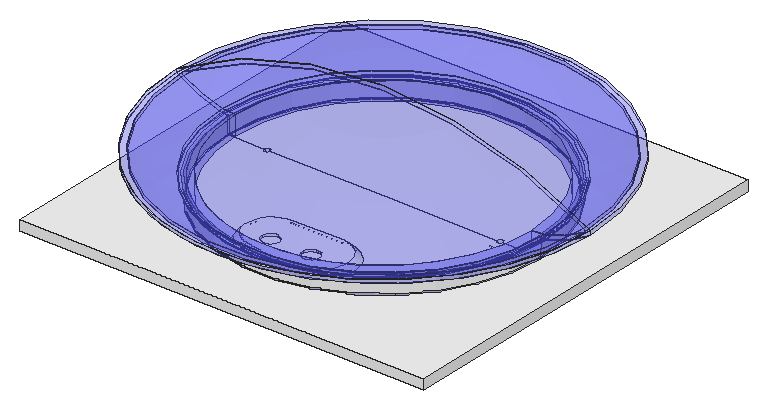
Revit family "BE_50507_de_DE", category Leuchten, Revit 2020
Family settings
  Basisbauteil = Fläche
  Bemaßung runder Anschluss = Durchmesser verwenden
  Teiletyp = Normal
  Beim Laden mit Abzugskörper schneiden = Ja
  Lichtquelle = Ja
  Gemeinsam genutzt = Nein
  Raumberechnungspunkt = Ja
Parameters (values of type "BEGA_50507_K27")
  built-in parameter 1150104 = 13.228 (stored number, unit not read)
  Wattage = 16.4 W
  Default Elevation = 0 mm
  built-in parameter 1150113 = 1 (stored number, unit not read)
  built-in parameter 1114218 = 1 (stored number, unit not read)
  Umgebungstemperatur = "25 °C"
  URL = "https://www.bega.com/de/produkt/50507"
  Typenkommentare = "© 2023 BEGA. Wir behalten uns das Recht vor, technische Änderungen ohne vorherige Ankündigung vorzunehmen."  # constant formula
  built-in parameter 1150134 = (empty or 0)
  built-in parameter 1150109 = 1 (stored number, unit not read)
  built-in parameter 1150110 = 1 (stored number, unit not read)
  Spannung = 239.996 V
  Sonderanfertigung = no
  Seriennummer [instance] = "Hier können Sie die eindeutige Seriennummer für das Facility Management eintragen."
  Schutzklasse = "I"
  Schutzart = "IP 20"
  Scheinlast = 0 VA
  Produktdatenblatt = "https://cdn.bega.com/bega/products/50507K3/current/documents/data-sheets/de"
  Neigungswinkel = 0.00°
  Modell = "50507K27"
  Material_34 = BEGA_Oberfläche_Samtweiss_matt
  Material_11 = BEGA_Glas_opal
  M_W = no
  M_G = no
  M_A = no
  Logo = 0
  built-in parameter 1114217 = 1 (stored number, unit not read)
  built-in parameter 1150139 = (empty or 0)
  built-in parameter 1150105 = 2335 (stored number, unit not read)
  built-in parameter 1150114 = 1 (stored number, unit not read)
  Lumens = 2335.03 lm
  built-in parameter 1150115 = 1 (stored number, unit not read)
  Leuchtenlichtstrom = "1743 lm"
  Lebensdauerkriterien = "L70B50 @ 25 °C = 131000 h"
  Lastklassifizierung = Beleuchtung
  built-in parameter 1150112 = 1 (stored number, unit not read)
  Lampenlichtstrom = "2335 lm"
  Lampe = "LED 16.4 W"
  LED_Modulbezeichnung = "LED-0511/927"
  Hersteller = "BEGA"  # constant formula
  Gewicht = "2.45 kg"
  Frequenz = "0/50-60 Hz"
  Farbwiedergabeindex = "CRI > 90"
  Farbtemperaturverschiebung bei Dämpfen der Lampe = <Keine Auswahl>
  Farbtemperatur = "2700 K"
  Color Filter = 16777215
  built-in parameter 1150133 = 10 (stored number, unit not read)
  Energieeffizienzklasse = "LED A++ - A"
  built-in parameter 1150137 = (empty or 0)
  built-in parameter 1150132 = (empty or 0)
  ENEC = "ja"
  Dimmbar [instance] = "DALI"
  Datei für fotometrisches Netz = "BE_50507K27.ies"
  CE_Konformität = "ja"
  Bestellnummer = "50507K27"
  Beschreibung_Sonderanfertigung = "Hier können Sie Informationen zur Sonderanfertigung eintragen."
  Beschreibung = "Decken- und Wandleuchte"
  built-in parameter 1150106 = 23.35 (stored number, unit not read)
  Befestigungsbohrung = "Ø 5,5 mm"
  Befestigungsabstand = "230 mm"
  BEGA_Intern_aus = yes
  BEGA_Intern_an = yes
  BEGA_Intern_Konstruktion = yes
  BEGA_Intern = yes
  BEGA_IES = yes
  BEGA_Dummy = no
  Anschlussleistung [instance] = "19.6 W"
  built-in parameter 1150107 = 2700 (stored number, unit not read)
  built-in parameter 1150102 = (empty or 0)
  built-in parameter 1150138 = (empty or 0)
  Aktualisierung = "2023-06-12T04:00:03"
  AC/DC = "AC/DC"
Types (2, lengths in mm): name | built-in parameter 1150104 | Modell | built-in parameter 1150105 | Lumens | Leuchtenlichtstrom | Lampenlichtstrom | LED_Modulbezeichnung | Farbtemperatur | Datei für fotometrisches Netz | Bestellnummer | built-in parameter 1150106 | built-in parameter 1150107
  BEGA_50507_K3 | 13.681 (stored number, unit not read) | "50507K3" | 192.18 (stored number, unit not read) | 2415.06 lm | "1803 lm" | "2415 lm" | "LED-0511/930" | "3000 K" | "BE_50507K3.IES" | "50507K3" | 1.9218 (stored number, unit not read) | 3000 (stored number, unit not read)
  BEGA_50507_K27 | 13.228 (stored number, unit not read) | "50507K27" | 2335 (stored number, unit not read) | 2335.03 lm | "1743 lm" | "2335 lm" | "LED-0511/927" | "2700 K" | "BE_50507K27.ies" | "50507K27" | 23.35 (stored number, unit not read) | 2700 (stored number, unit not read)
Reference planes
  plane 1 "Mitte (Vorne/Hinten)": y = 0
  plane 2: z = 0
  plane 3 "Mitte (Links/Rechts)": x = 0
  plane 4 "Links": x = -205
  plane 5 "Rechts": x = 205
  plane 6 "Unten": y = -205
  plane 7 "Oben": y = 205
  plane 8 "Vorne": z = 100.979
  plane 9 "Hinten": z = 0
Forms (mm)
  Extrusion 1, solid, material "BEGA_Platte_Weiss"
    sketch origin (0, -1119.2, 0) x (1, 0, 0) y (0, 1, 0)
      loop
        line (-200, 1319.2) -> (-200, 919.2) -> (200, 919.2) -> (200, 1319.2) -> (-200, 1319.2)
    from 0 to -10
  Extrusion 2, solid, material "BEGA_Dummy_matt", visible <- "BEGA_Dummy"
    sketch origin (77.149, -76.023, 0) x (1, 0, 0) y (0, 1, 0)
      loop
        circle (-77.149, 76.023) r 205
    from 0 to 100.979
Dimensions and locks
  plane 1 "Mitte (Vorne/Hinten)" to Extrusion 1 = 200 mm
  aligned and locked: plane 2 to Extrusion 1
  aligned and locked: level to Extrusion 1
Nested families
  nested 1: "BE_50507_Leuchte" at (0, 0, 0), type "BE_50507_Leuchte"
Connectors
  electrical at (0, 0, 0), driven by "Lastklassifizierung", driven by "Spannung", driven by "Scheinlast"
    settings: index 1, voltage 239.996 V, apparent load 0 VA, apparent load phase1 0 VA, apparent load phase2 0 VA, apparent load phase3 0 VA, power factor 1, load classification "Beleuchtung", number of poles 1, system type 31, power factor state 1, is connector primary yes, connector utility no, sub classification motor no, connector description ""
Definition of nested family "BE_50507_Leuchte"
  Parameters (values of type "BE_50507_Leuchte")
    Default Elevation = 1 mm
    URL = "http://www.bega.de/de/produkt"
    Type Comments = "© 2015 BEGA. Wir behalten uns das Recht vor, technische Änderungen ohne vorherige Ankündigung vorzunehmen. "  # constant formula
    Type Image = (empty or 0)
    Material_34 = none
    Material_11 = none
    Länge_Platte = 400 mm  # constant formula
    Höhe_Platte = -10 mm  # constant formula
    Manufacturer = "BEGA"  # constant formula
    Breite_Platte = 400 mm  # constant formula
  Reference planes
    plane 1 "Mitte (Oben/Unten)": y = 0
    plane 2: z = 0
    plane 3 "Mitte (Links/Rechts)": x = 0
    plane 4: z = 100.979
    plane 5: x = -205
    plane 6: x = 205
    plane 7: y = 205
    plane 8: y = -205
  Forms (mm)
    Extrusion 1, solid, detail levels medium
      sketch origin (0, 0, 0) x (1, 0, 0) y (0, 1, 0)
        loop
          line (-200, 200) -> (-200, -200) -> (200, -200) -> (200, 200) -> (-200, 200)
      from 0 to -10 <- "Höhe_Platte"
    Revolve 2, solid, material <- "Material_34"
      sketch origin (0, 0, 0) x (1, 0, 0) y (0, 0, 1)
        loop
          line (159, 20.8) -> (156.831, 20.8)
          arc (156.831, 20.8) -> (155.563, 20.284) -> (155.024, 19.025) r 1.8
          line (155.024, 19.025) -> (154.767, 4.283)
          arc (154.767, 4.283) -> (154.468, 3.587) -> (153.767, 3.3) r 1
          line (153.767, 3.3) -> (0, 3.3) -> (0, 2.3) -> (153.767, 2.3)
          arc (153.767, 2.3) -> (155.169, 2.873) -> (155.767, 4.264) r 2
          line (155.767, 4.264) -> (156.024, 19.009)
          arc (156.024, 19.009) -> (156.263, 19.571) -> (156.829, 19.8) r 0.8
          line (156.829, 19.8) -> (159, 19.8) -> (159, 20.8)
        axis (0, 2.3) -> (0, 20.8)
      angle from 0 to 360
    Revolve 3, solid, material <- "Material_34"
      sketch origin (0, 0, 0) x (1, 0, 0) y (0, 0, 1)
        loop
          line (123.401, 1.077) -> (124.43, 2.3) -> (115, 2.3) -> (115, -0.001) -> (121.098, -0.001)
          arc (121.098, -0.001) -> (122.37, 0.282) -> (123.401, 1.077) r 3.001
        axis (115, 2.3) -> (115, -0.001)
      angle from 0 to 360
    Revolve 4, solid, material <- "Material_34"
      sketch origin (0, 0, 0) x (-1, 0, 0) y (0, 0, 1)
        loop
          line (123.401, 1.077) -> (124.43, 2.3) -> (115, 2.3) -> (115, -0.001) -> (121.098, -0.001)
          arc (121.098, -0.001) -> (122.37, 0.282) -> (123.401, 1.077) r 3.001
        axis (115, 2.3) -> (115, -0.001)
      angle from 0 to 360
    Revolve 5, solid, material <- "Material_34"
      sketch origin (0, -73, 0) x (1, 0, 0) y (0, 0, 1)
        loop
          line (131.844, 2.3) -> (126.44, 2.3) -> (126.44, 0)
          arc (126.44, 0) -> (129.377, 0.599) -> (131.844, 2.3) r 7.5
        axis (126.44, 0) -> (126.44, 2.3)
      angle from 0 to 360
    Revolve 6, solid, material <- "Material_34"
      sketch origin (-126.47, 146.017, 0) x (1, 0, 0) y (0, 0, -1)
        loop
          arc (131.844, -2.3) -> (129.377, -0.599) -> (126.44, 0) r 7.5
          line (126.44, 0) -> (126.44, -2.3) -> (131.844, -2.3)
        axis (126.44, 0) -> (126.44, -2.3)
      angle from 0 to 360
    Revolve 7, solid, material <- "Material_34"
      sketch origin (0, -73, 0) x (-1, 0, 0) y (0, 0, -1)
        loop
          arc (131.844, -2.3) -> (129.377, -0.599) -> (126.44, 0) r 7.5
          line (126.44, 0) -> (126.44, -2.3) -> (131.844, -2.3)
        axis (126.44, 0) -> (126.44, -2.3)
      angle from 0 to 360
    Blend 8, solid, material <- "Material_34"
      base sketch origin (0, 0, 0) x (1, 0, 0) y (0, 1, 0)
        loop
          arc (-25, -75.77) -> (-55.524, -102.948) -> (-32.056, -136.409) r 30.73
          arc (-32.056, -136.409) -> (0, -140.125) -> (32.056, -136.409) r 140.125
          arc (32.056, -136.409) -> (55.524, -102.948) -> (25, -75.77) r 30.73
          line (25, -75.77) -> (-25, -75.77)
      top sketch origin (0, 0, 0) x (1, 0, 0) y (0, 1, 0)
        loop
          arc (-25, -81.255) -> (-50.076, -103.581) -> (-30.799, -131.07) r 25.245
          arc (-30.799, -131.07) -> (0, -134.64) -> (30.799, -131.07) r 134.64
          arc (30.799, -131.07) -> (50.076, -103.581) -> (25, -81.255) r 25.245
          line (25, -81.255) -> (-25, -81.255)
      from 3.3 to 8.8
    Blend 9, void
      base sketch origin (0, 0, 0) x (1, 0, 0) y (0, 1, 0)
        loop
          arc (-31.597, -134.462) -> (0, -138.125) -> (31.597, -134.462) r 138.125
          arc (31.597, -134.462) -> (53.538, -103.179) -> (25, -77.77) r 28.73
          line (25, -77.77) -> (-25, -77.77)
          arc (-25, -77.77) -> (-53.538, -103.179) -> (-31.597, -134.462) r 28.73
      top sketch origin (0, 0, 0) x (1, 0, 0) y (0, 1, 0)
        loop
          arc (-25, -83.255) -> (-48.089, -103.812) -> (-30.34, -129.124) r 23.245
          arc (-30.34, -129.124) -> (0, -132.64) -> (30.34, -129.124) r 132.64
          arc (30.34, -129.124) -> (48.089, -103.812) -> (25, -83.255) r 23.245
          line (25, -83.255) -> (-25, -83.255)
      from 2.3 to 7.3
    Extrusion 10, void
      sketch origin (0, 0, 0) x (1, 0, 0) y (0, 1, 0)
        loop
          circle (-20, -115) r 8.5
        loop
          circle (20, -115) r 8.5
        loop
          circle (115, 0) r 2.75
        loop
          circle (-115, 0) r 2.75
      from 0 to 8.8
    Revolve 11, solid, material <- "Material_11"
      sketch origin (0, 0, 0) x (1, 0, 0) y (0, 0, 1)
        loop
          line (0, 100.9) -> (0, 96.901)
          arc (0, 96.901) -> (102.41, 83.429) -> (197.852, 43.931) r 395.997
          arc (197.852, 43.931) -> (198.85, 42.18) -> (197.818, 40.45) r 2
          arc (197.818, 40.45) -> (179.312, 31.052) -> (159.473, 24.954) r 121.001
          line (159.473, 24.954) -> (146.458, 24.272) -> (146.458, 4.9) -> (152.494, 4.9) -> (152.494, 20.583) -> (160, 20.976)
          arc (160, 20.976) -> (183.46, 28.449) -> (205, 40.375) r 125
          line (205, 40.375) -> (205, 44.375)
          arc (205, 44.375) -> (106.325, 86.51) -> (0, 100.9) r 400.002
        axis (0, 4.9) -> (0, 100.9)
      angle from 0 to 360
  Cuts and joins
    Blend 9, Extrusion 10 cuts Revolve 2
    Blend 9, Extrusion 10 cuts Revolve 3
    Blend 9, Extrusion 10 cuts Revolve 4
    Blend 9, Extrusion 10 cuts Revolve 5
    Blend 9, Extrusion 10 cuts Revolve 6
    Blend 9, Extrusion 10 cuts Revolve 7
    Blend 9, Extrusion 10 cuts Blend 8
    joined: Revolve 2, Revolve 3, Revolve 4, Revolve 5, Revolve 6, Revolve 7, Blend 8
  Dimensions and locks
    equal spacing: Extrusion 1 sketch curve, plane 3 "Mitte (Links/Rechts)", Extrusion 1 sketch curve
    equal spacing: Extrusion 1 sketch curve, plane 1 "Mitte (Oben/Unten)", Extrusion 1 sketch curve
    "Länge_Platte": Extrusion 1 sketch curve to Extrusion 1 sketch curve
    "Breite_Platte": Extrusion 1 sketch curve to Extrusion 1 sketch curve
    plane 1 "Mitte (Oben/Unten)" to Extrusion 1 = 200 mm  (x3)
    aligned and locked: plane 2 to Extrusion 1
    aligned and locked: level to Extrusion 1
  Automatic sketch dimensions
    Revolve 2 sketch curve to Revolve 2 sketch curve = 0 mm  (x8)
    Revolve 2 sketch curve to plane 3 "Mitte (Links/Rechts)" = 0 mm  (x2)
    level to Revolve 2 sketch curve = 4.3 mm
    plane 3 "Mitte (Links/Rechts)" to Revolve 2 sketch curve = 153.767 mm
    level to Revolve 2 sketch curve = 4.283 mm
    Revolve 2 sketch curve to Revolve 2 sketch curve = 1 mm  (x4)
    level to Revolve 2 sketch curve = 19.025 mm
    Revolve 2 sketch curve to Revolve 2 sketch curve = 0.257 mm
    level to Revolve 2 sketch curve = 4.264 mm
    level to Revolve 2 sketch curve = 19.009 mm
    Revolve 2 sketch curve to Revolve 2 sketch curve = 0.8 mm
    Revolve 2 sketch curve to Revolve 2 sketch curve = 0.004 mm
    Revolve 2 sketch curve to Revolve 2 sketch curve = 0.002 mm
    Revolve 2 sketch curve to Revolve 2 sketch curve = 2.169 mm
    level to Revolve 2 sketch curve = 2.3 mm
    Revolve 2 sketch curve to Revolve 2 sketch curve = 0.009 mm
    Revolve 2 sketch curve to level = 609.6 mm
    Revolve 2 sketch curve to Revolve 2 sketch curve = 2588.258 mm
    Revolve 3 sketch curve to level = 0.001 mm
    plane 3 "Mitte (Links/Rechts)" to Revolve 3 sketch curve = 115 mm
    Revolve 3 sketch curve to Revolve 3 sketch curve = 6.098 mm
    level to Revolve 3 sketch curve = 1.077 mm
    Revolve 3 sketch curve to Revolve 3 sketch curve = 2.303 mm
    level to Revolve 3 sketch curve = 2.3 mm
    Revolve 3 sketch curve to Revolve 3 sketch curve = 1.029 mm
    Revolve 3 sketch curve to Revolve 3 sketch curve = 0 mm
    Revolve 3 sketch curve to Revolve 3 sketch curve = 2 mm
    Revolve 3 sketch curve to Revolve 3 sketch curve = 3 mm
    level to Revolve 4 sketch curve = 0.001 mm
    plane 3 "Mitte (Links/Rechts)" to Revolve 4 sketch curve = 115 mm
    Revolve 4 sketch curve to Revolve 4 sketch curve = 6.098 mm
    Revolve 4 sketch curve to level = 1.077 mm
    Revolve 4 sketch curve to Revolve 4 sketch curve = 2.303 mm
    Revolve 4 sketch curve to level = 2.3 mm
    Revolve 4 sketch curve to Revolve 4 sketch curve = 1.029 mm
    Revolve 4 sketch curve to Revolve 4 sketch curve = 0 mm
    Revolve 4 sketch curve to Revolve 4 sketch curve = 2 mm
    Revolve 4 sketch curve to Revolve 4 sketch curve = 3 mm
    Revolve 5 sketch curve to level = 0 mm  (x2)
    level to Revolve 5 sketch curve = 7.5 mm
    plane 3 "Mitte (Links/Rechts)" to Revolve 5 sketch curve = 126.44 mm
    Revolve 5 sketch curve to Revolve 5 sketch curve = 0 mm  (x2)
    level to Revolve 5 sketch curve = 2.3 mm
    Revolve 5 sketch curve to Revolve 5 sketch curve = 1.073 mm
    Revolve 6 sketch curve to level = 0 mm  (x2)
    Revolve 6 sketch curve to plane 3 "Mitte (Links/Rechts)" = 0.03 mm  (x2)
    level to Revolve 6 sketch curve = 2.3 mm
    plane 3 "Mitte (Links/Rechts)" to Revolve 6 sketch curve = 5.374 mm
    Revolve 6 sketch curve to Revolve 6 sketch curve = 0 mm
    Revolve 6 sketch curve to Revolve 6 sketch curve = 1.073 mm
    Revolve 7 sketch curve to level = 0 mm  (x2)
    level to Revolve 7 sketch curve = 7.5 mm
    Revolve 7 sketch curve to plane 3 "Mitte (Links/Rechts)" = 126.44 mm
    Revolve 7 sketch curve to Revolve 7 sketch curve = 0 mm  (x2)
    level to Revolve 7 sketch curve = 2.3 mm
    Revolve 7 sketch curve to Revolve 7 sketch curve = 1.073 mm
    plane 1 "Mitte (Oben/Unten)" to Blend 8 sketch curve = 0 mm  (x2)
    Blend 8 sketch curve to plane 3 "Mitte (Links/Rechts)" = 0 mm  (x2)
    Blend 8 sketch curve to plane 3 "Mitte (Links/Rechts)" = 25 mm  (x3)
    plane 1 "Mitte (Oben/Unten)" to Blend 8 sketch curve = 106.5 mm  (x2)
    Blend 8 sketch curve to Blend 8 sketch curve = 0 mm  (x3)
    Blend 8 sketch curve to Blend 8 sketch curve = 7.056 mm
    plane 3 "Mitte (Links/Rechts)" to Blend 8 sketch curve = 25 mm  (x4)
    plane 3 "Mitte (Links/Rechts)" to Blend 8 sketch curve = 32.056 mm
    Blend 8 sketch curve to Blend 8 sketch curve = 30.73 mm
    Blend 8 sketch curve to Blend 8 sketch curve = 29.909 mm
    Blend 8 sketch curve to Blend 8 sketch curve = 5.799 mm  (x2)
    Blend 8 sketch curve to Blend 8 sketch curve = 25.245 mm
    Blend 9 sketch curve to Blend 9 sketch curve = 0 mm  (x2)
    Blend 9 sketch curve to Blend 9 sketch curve = 27.962 mm
    plane 3 "Mitte (Links/Rechts)" to Blend 9 sketch curve = 25 mm  (x2)
    plane 1 "Mitte (Oben/Unten)" to Blend 9 sketch curve = 77.77 mm
    Blend 9 sketch curve to Blend 9 sketch curve = 28.73 mm  (x2)
    plane 1 "Mitte (Oben/Unten)" to Blend 9 sketch curve = 0 mm  (x2)
    Blend 9 sketch curve to plane 3 "Mitte (Links/Rechts)" = 0 mm  (x2)
    Blend 9 sketch curve to plane 3 "Mitte (Links/Rechts)" = 25 mm  (x2)
    Blend 9 sketch curve to Blend 9 sketch curve = 6.597 mm  (x2)
    Blend 9 sketch curve to Blend 9 sketch curve = 23.245 mm  (x2)
    Blend 9 sketch curve to Blend 9 sketch curve = 5.34 mm
    plane 1 "Mitte (Oben/Unten)" to Blend 9 sketch curve = 83.255 mm
    Revolve 11 sketch curve to plane 3 "Mitte (Links/Rechts)" = 0.001 mm  (x2)
    Revolve 11 sketch curve to level = 299.102 mm
    Revolve 11 sketch curve to Revolve 11 sketch curve = 0.005 mm
    level to Revolve 11 sketch curve = 43.931 mm
    plane 3 "Mitte (Links/Rechts)" to Revolve 11 sketch curve = 197.852 mm
    Revolve 11 sketch curve to Revolve 11 sketch curve = 7.148 mm
    Revolve 11 sketch curve to Revolve 11 sketch curve = 0.444 mm
    Revolve 11 sketch curve to Revolve 11 sketch curve = 1.002 mm
    Revolve 11 sketch curve to Revolve 11 sketch curve = 1.731 mm
    Revolve 11 sketch curve to Revolve 11 sketch curve = 0.967 mm
    Revolve 11 sketch curve to Revolve 11 sketch curve = 4 mm
    Revolve 11 sketch curve to Revolve 11 sketch curve = 63.875 mm
    level to Revolve 11 sketch curve = 20.976 mm
    Revolve 11 sketch curve to Revolve 11 sketch curve = 36.85 mm
    Revolve 11 sketch curve to Revolve 11 sketch curve = 0 mm  (x2)
    Revolve 11 sketch curve to Revolve 11 sketch curve = 0.527 mm
    level to Revolve 11 sketch curve = 24.272 mm
    Revolve 11 sketch curve to Revolve 11 sketch curve = 13.015 mm
    level to Revolve 11 sketch curve = 20.583 mm
    Revolve 11 sketch curve to Revolve 11 sketch curve = 6.037 mm
    level to Revolve 11 sketch curve = 4.9 mm
    Revolve 11 sketch curve to plane 3 "Mitte (Links/Rechts)" = 0 mm  (x2)
    Revolve 11 sketch curve to Revolve 11 sketch curve = 310.498 mm
    Revolve 11 sketch curve to Revolve 11 sketch curve = 2465.82 mm
